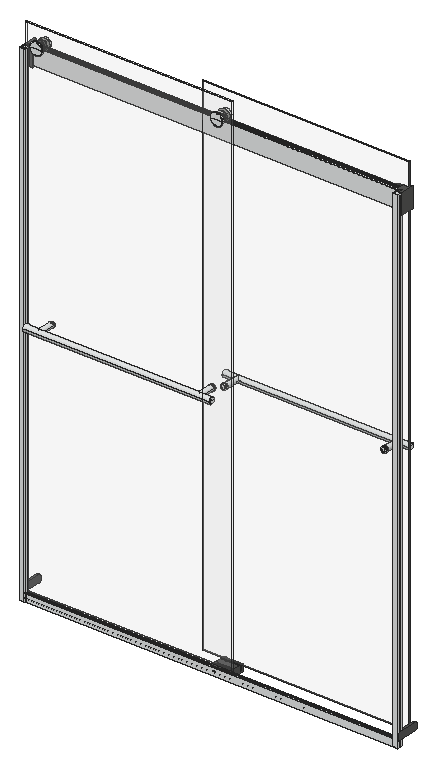
Revit family "Shower-Shower_Door-KOHLER-Levity_Plus-K-702424_1", category Specialty Equipment, host Face, Revit 2022 (continued)
Definition of nested family "K-702424"
  Lines and regions (in)
    symbolic lines, detail levels medium+fine
      curve 218: line (-1.54212, -2.02733, 37.83465) -> (-1.54212, -1.14006, 37.83465)
      curve 219: line (-3.09755, 0.7253, 37.83465) -> (-3.09755, 0.98206, 37.83465)
      curve 220: line (-2.94858, 2.16793, 37.83465) -> (-2.13866, 2.16793, 37.83465)
      curve 221: line (-2.94858, 2.47993, 37.83465) -> (-2.13866, 2.47993, 37.83465)
      curve 222: line (-4.49152, 4.05206, 37.83465) -> (-4.49152, 4.9018, 37.83465)
      curve 223: line (-2.94858, 4.05206, 37.83465) -> (-2.13866, 4.05206, 37.83465)
      curve 224: line (21.05142, 2.16793, 37.83465) -> (21.86134, 2.16793, 37.83465)
      curve 225: line (21.05142, 4.05206, 37.83465) -> (21.86134, 4.05206, 37.83465)
      curve 226: line (23.40271, 4.05206, 37.83465) -> (23.40271, 4.9018, 37.83465)
      curve 227: line (-30.5489, 0.2505, 37.83465) -> (-31.3134, 0.2505, 37.83465)
  Dimensions and locks (in)
    "Walk Thru": plane 5 to plane 3 "Center (Left/Right)"
    locked: plane 6 to plane 5 at 0.77715
    plane 3 "Center (Left/Right)" to plane 4 = 31.3134"
    "Width": plane 6 to plane 4
    locked: plane 5 to plane 7 "E" at 3.28921
    plane 10 to plane 11 = 6.92913"
    locked: plane 14 "C" to plane 7 "E" at 1.75
    locked: plane 6 to plane 16 at 0.34046
    locked: plane 15 "D" to plane 7 "E" at 25.2506
    plane 17 "AB" to level = 77.55906"
    plane 19 to level = 71.5748"
    plane 20 to plane 19 = 2.55906"
    plane 21 "B" to level = 37.83465"
    plane 22 to plane 23 = 28"
    locked: plane 24 to plane 6 at 1.84833
    locked: plane 25 to plane 24 at 28
    locked: plane 25 to plane 26 "AC" at 2
    locked: plane 27 "AD" to plane 24 at 2
    locked: plane 28 to plane 3 "Center (Left/Right)" at 3.49125
    locked: plane 29 to plane 28 at 0.3937
    locked: Masking region 3 sketch curve to plane 28 at 0.3937
    locked: plane 26 "AC" to Masking region 4 sketch curve at 0.40496
    locked: Revolve 29 sketch curve to plane 28 at 0.3937
    aligned and locked: plane 2 to level
    aligned and locked: plane 5 to Extrusion 5
    aligned and locked: plane 5 to Extrusion 8
    aligned and locked: plane 6 to Extrusion 13 sketch curve
    aligned and locked: plane 6 to Extrusion 14
    aligned and locked: plane 16 to Extrusion 14
    aligned and locked: plane 5 to Extrusion 15 sketch curve
    aligned and locked: plane 6 to Extrusion 15 sketch curve
    aligned and locked: plane 16 to Extrusion 17 sketch curve
    aligned and locked: Extrusion 10 to Masking region 1 sketch curve
    aligned and locked: Masking region 2 sketch curve to plane 6
    aligned and locked: Masking region 2 sketch curve to plane 5
    aligned and locked: Extrusion 9 to Revolve 19 sketch curve
    aligned and locked: plane 6 to Masking region 3 sketch curve
    aligned and locked: Extrusion 10 to Masking region 3 sketch curve
    aligned and locked: Revolve 11 to Masking region 4 sketch curve
    aligned and locked: Masking region 4 sketch curve to Extrusion 17
    aligned and locked: plane 16 to Masking region 4 sketch curve
    aligned and locked: plane 5 to Extrusion 21
    aligned and locked: Masking region 3 to curve 187
    aligned and locked: Masking region 3 to curve 188
    aligned and locked: Masking region 3 to curve 162
    aligned and locked: Revolve 26 sketch curve to plane 25
    aligned and locked: Revolve 26 sketch curve to plane 24
    aligned and locked: Revolve 27 sketch curve to plane 28  (x2)
    aligned and locked: plane 29 to Revolve 27 sketch curve
    aligned and locked: curve 211 to Revolve 25
    aligned and locked: Masking region 3 sketch curve to Masking region 3 sketch curve
    aligned and locked: plane 25 to Masking region 4 sketch curve
    aligned and locked: plane 24 to Masking region 4 sketch curve
    aligned and locked: Masking region 4 sketch curve to Masking region 4 sketch curve
    aligned and locked: curve 103 to Masking region 3
    aligned and locked: Masking region 3 to curve 214
    aligned and locked: curve 215 to Masking region 3
    aligned and locked: Masking region 3 to curve 216
    aligned and locked: curve 117 to Masking region 3
    aligned and locked: Masking region 3 to curve 148
    aligned and locked: curve 172 to Masking region 3
    aligned and locked: Masking region 3 to curve 219
    aligned and locked: curve 221 to Masking region 4
    aligned and locked: curve 220 to Masking region 4
    aligned and locked: Masking region 4 to curve 220
    aligned and locked: Masking region 4 to curve 221
    aligned and locked: curve 222 to Revolve 26
    aligned and locked: curve 223 to Masking region 4
    aligned and locked: Masking region 4 to curve 223
    aligned and locked: Extrusion 17 to curve 179
    aligned and locked: Masking region 4 to curve 179
    aligned and locked: curve 179 to Masking region 4
    aligned and locked: Masking region 4 to curve 224
    aligned and locked: curve 224 to Masking region 4
    aligned and locked: curve 225 to Masking region 4
    aligned and locked: Masking region 4 to curve 225
    aligned and locked: curve 226 to Revolve 26
    aligned and locked: Revolve 31 sketch curve to plane 25
    aligned and locked: Revolve 31 sketch curve to plane 24
  Automatic sketch dimensions
    Extrusion 1 sketch curve to plane 4 = 0"
    Extrusion 1 sketch curve to Extrusion 1 sketch curve = 0.03079"
    plane 4 to Extrusion 1 sketch curve = 0.0315"
    Extrusion 1 sketch curve to Extrusion 1 sketch curve = 0.2541"
    Extrusion 1 sketch curve to Extrusion 1 sketch curve = 0.25668"
    plane 4 to Extrusion 1 sketch curve = 81/256"
    Extrusion 1 sketch curve to Extrusion 1 sketch curve = 0.0315"  (x2)
    Extrusion 1 sketch curve to Extrusion 1 sketch curve = 0.60218"
    Extrusion 1 sketch curve to Extrusion 1 sketch curve = 0.03039"
    Extrusion 1 sketch curve to plane 1 "Center (Front/Back)" = 0.35413"
    Extrusion 1 sketch curve to Extrusion 1 sketch curve = 0.47171"
    Extrusion 1 sketch curve to Extrusion 1 sketch curve = 1.10192"
    Extrusion 1 sketch curve to Extrusion 1 sketch curve = 0.00743"
    Extrusion 1 sketch curve to Extrusion 1 sketch curve = 0.34229"
    Extrusion 2 sketch curve to plane 4 = 0"  (x2)
    plane 1 "Center (Front/Back)" to Extrusion 2 sketch curve = 0"  (x2)
    plane 4 to Extrusion 2 sketch curve = 0.05752"  (x2)
    plane 4 to Extrusion 2 sketch curve = 0.18908"
    Extrusion 2 sketch curve to Extrusion 2 sketch curve = 0.04131"
    Extrusion 2 sketch curve to Extrusion 2 sketch curve = 0.09136"
    Extrusion 2 sketch curve to Extrusion 2 sketch curve = 0.19461"  (x2)
    Extrusion 2 sketch curve to Extrusion 2 sketch curve = 0.14115"  (x2)
    plane 1 "Center (Front/Back)" to Extrusion 2 sketch curve = 0.32797"
    Extrusion 2 sketch curve to Extrusion 2 sketch curve = 0.00361"  (x2)
    Extrusion 2 sketch curve to Extrusion 2 sketch curve = 0.10339"
    plane 1 "Center (Front/Back)" to Extrusion 2 sketch curve = 0.30702"
    Extrusion 2 sketch curve to Extrusion 2 sketch curve = 0.03454"  (x2)
    Extrusion 2 sketch curve to Extrusion 2 sketch curve = 0.01994"  (x2)
    Extrusion 2 sketch curve to Extrusion 2 sketch curve = 0.04271"  (x2)
    Extrusion 2 sketch curve to Extrusion 2 sketch curve = 0.06265"
    Extrusion 2 sketch curve to plane 1 "Center (Front/Back)" = 0.20982"
    Extrusion 2 sketch curve to Extrusion 2 sketch curve = 0"
    Extrusion 2 sketch curve to plane 1 "Center (Front/Back)" = 0.22464"
    Extrusion 3 sketch curve to plane 4 = 0"
    Extrusion 3 sketch curve to Extrusion 3 sketch curve = 0.05752"  (x2)
    plane 1 "Center (Front/Back)" to Extrusion 3 sketch curve = 0.32797"
    Extrusion 3 sketch curve to Extrusion 3 sketch curve = 0.59999"  (x2)
    Extrusion 3 sketch curve to Extrusion 3 sketch curve = 0.00361"  (x2)
    Extrusion 3 sketch curve to Extrusion 3 sketch curve = 0.10339"
    plane 1 "Center (Front/Back)" to Extrusion 3 sketch curve = 0.30702"
    Extrusion 3 sketch curve to Extrusion 3 sketch curve = 0.05449"  (x2)
    Extrusion 3 sketch curve to plane 1 "Center (Front/Back)" = 0.22464"
    Extrusion 3 sketch curve to plane 1 "Center (Front/Back)" = 0.25253"
    plane 1 "Center (Front/Back)" to Extrusion 4 sketch curve = 0.20982"
    plane 13 to Extrusion 4 sketch curve = 1.55993"
    Extrusion 4 sketch curve to Extrusion 4 sketch curve = 0.01972"
    Extrusion 4 sketch curve to Extrusion 4 sketch curve = 0.25882"
    level to Extrusion 4 sketch curve = 1.05663"
    Extrusion 4 sketch curve to Extrusion 4 sketch curve = 0.57809"
    Extrusion 5 sketch curve to level = 0"
    Extrusion 5 sketch curve to plane 1 "Center (Front/Back)" = 0"
    plane 1 "Center (Front/Back)" to Extrusion 5 sketch curve = 0.19878"
    Extrusion 5 sketch curve to plane 1 "Center (Front/Back)" = 3/128"
    Extrusion 5 sketch curve to Extrusion 5 sketch curve = 0.04434"
    Extrusion 5 sketch curve to Extrusion 5 sketch curve = 0.04019"
    Extrusion 5 sketch curve to Extrusion 5 sketch curve = 0.07819"
    Extrusion 5 sketch curve to Extrusion 5 sketch curve = 0.0297"
    Extrusion 5 sketch curve to Extrusion 5 sketch curve = 0.02696"
    level to Extrusion 5 sketch curve = 0.07959"
    Extrusion 5 sketch curve to plane 1 "Center (Front/Back)" = 0.14319"
    Extrusion 5 sketch curve to Extrusion 5 sketch curve = 0.05652"
    Extrusion 5 sketch curve to Extrusion 5 sketch curve = 0.06857"
    Extrusion 5 sketch curve to Extrusion 5 sketch curve = 0.02971"
    Extrusion 5 sketch curve to Extrusion 5 sketch curve = 0.03753"
    Extrusion 5 sketch curve to Extrusion 5 sketch curve = 0.02998"
    Extrusion 5 sketch curve to Extrusion 5 sketch curve = 45/128"
    Extrusion 5 sketch curve to Extrusion 5 sketch curve = 0.34333"
    Extrusion 5 sketch curve to Extrusion 5 sketch curve = 0.07224"
    Extrusion 5 sketch curve to Extrusion 5 sketch curve = 0.01101"
    Extrusion 5 sketch curve to Extrusion 5 sketch curve = 15/128"
    Extrusion 5 sketch curve to Extrusion 5 sketch curve = 0.50603"
    Extrusion 5 sketch curve to Extrusion 5 sketch curve = 0.00157"
    Extrusion 5 sketch curve to Extrusion 5 sketch curve = 0.02425"
    Extrusion 5 sketch curve to Extrusion 5 sketch curve = 0.01999"
    Extrusion 5 sketch curve to Extrusion 5 sketch curve = 0.04542"
    Extrusion 5 sketch curve to Extrusion 5 sketch curve = 0.01816"
    Revolve 6 sketch curve to plane 9 = 0"  (x2)
    Revolve 6 sketch curve to plane 1 "Center (Front/Back)" = 1.79905"
    Revolve 6 sketch curve to Revolve 6 sketch curve = 0.36643"
    Revolve 6 sketch curve to Revolve 6 sketch curve = 0.18701"  (x2)
    Revolve 6 sketch curve to Revolve 6 sketch curve = 0.13646"
    Revolve 6 sketch curve to Revolve 6 sketch curve = 0.19685"  (x2)
    Revolve 6 sketch curve to Revolve 6 sketch curve = 0.35769"
    Revolve 6 sketch curve to plane 1 "Center (Front/Back)" = 0.06827"
    Revolve 6 sketch curve to plane 1 "Center (Front/Back)" = 0.02811"
    plane 1 "Center (Front/Back)" to Revolve 6 sketch curve = 0.09751"
    Revolve 6 sketch curve to Revolve 6 sketch curve = 0.04293"
    plane 9 to Revolve 6 sketch curve = 0.4638"
    plane 9 to Revolve 6 sketch curve = 0.47661"
    Revolve 6 sketch curve to Revolve 6 sketch curve = 0.05951"
    Revolve 6 sketch curve to Revolve 6 sketch curve = 0.21742"
    Revolve 6 sketch curve to Revolve 6 sketch curve = 0.26917"
    Revolve 6 sketch curve to Revolve 6 sketch curve = 0.05219"
    Revolve 6 sketch curve to Revolve 6 sketch curve = 0.23207"
    Revolve 6 sketch curve to Revolve 6 sketch curve = 0.00276"
    Revolve 6 sketch curve to Revolve 6 sketch curve = 0.04017"
    Revolve 6 sketch curve to Revolve 6 sketch curve = 0.98425"
    Revolve 6 sketch curve to Revolve 6 sketch curve = 0"
    Revolve 7 sketch curve to plane 1 "Center (Front/Back)" = 1.79905"
    Revolve 7 sketch curve to Revolve 7 sketch curve = 0.36643"
    Revolve 7 sketch curve to Revolve 7 sketch curve = 0.18701"  (x2)
    Revolve 7 sketch curve to Revolve 7 sketch curve = 0.13646"
    Revolve 7 sketch curve to Revolve 7 sketch curve = 0.19685"  (x2)
    Revolve 7 sketch curve to Revolve 7 sketch curve = 0.35769"
    Revolve 7 sketch curve to plane 1 "Center (Front/Back)" = 0.06827"
    Revolve 7 sketch curve to plane 1 "Center (Front/Back)" = 0.02811"
    plane 1 "Center (Front/Back)" to Revolve 7 sketch curve = 0.09751"
    Revolve 7 sketch curve to Revolve 7 sketch curve = 0.04293"
    Revolve 7 sketch curve to Revolve 7 sketch curve = 0.05951"
    Revolve 7 sketch curve to Revolve 7 sketch curve = 0.21742"
    Revolve 7 sketch curve to Revolve 7 sketch curve = 0.26917"
    Revolve 7 sketch curve to Revolve 7 sketch curve = 0.05219"
    Revolve 7 sketch curve to Revolve 7 sketch curve = 0.23207"
    Revolve 7 sketch curve to Revolve 7 sketch curve = 0.00276"
    Revolve 7 sketch curve to Revolve 7 sketch curve = 0.04017"
    Revolve 7 sketch curve to Revolve 7 sketch curve = 0.98425"
    Revolve 7 sketch curve to Revolve 7 sketch curve = 0"  (x2)
    Extrusion 8 sketch curve to plane 1 "Center (Front/Back)" = 0.97838"
    Extrusion 8 sketch curve to Extrusion 8 sketch curve = 0.04771"
    Extrusion 8 sketch curve to Extrusion 8 sketch curve = 0.19946"
    Extrusion 8 sketch curve to Extrusion 8 sketch curve = 0.06749"
    Extrusion 8 sketch curve to Extrusion 8 sketch curve = 0.07625"
    Extrusion 8 sketch curve to Extrusion 8 sketch curve = 0.10945"
    Extrusion 8 sketch curve to Extrusion 8 sketch curve = 0.00724"
    Extrusion 8 sketch curve to Extrusion 8 sketch curve = 0.01781"
    Extrusion 8 sketch curve to Extrusion 8 sketch curve = 0.07472"
    Extrusion 8 sketch curve to Extrusion 8 sketch curve = 0.26709"
    Extrusion 8 sketch curve to Extrusion 8 sketch curve = 0.25238"
    Extrusion 8 sketch curve to Extrusion 8 sketch curve = 0.11432"
    Extrusion 8 sketch curve to Extrusion 8 sketch curve = 0.167"
    Extrusion 8 sketch curve to Extrusion 8 sketch curve = 0.38221"
    Extrusion 8 sketch curve to Extrusion 8 sketch curve = 0.02708"
    Extrusion 8 sketch curve to Extrusion 8 sketch curve = 0.03426"
    Extrusion 8 sketch curve to Extrusion 8 sketch curve = 0.04358"
    Extrusion 8 sketch curve to Extrusion 8 sketch curve = 0.05805"
    Extrusion 8 sketch curve to Extrusion 8 sketch curve = 0.04965"
    Extrusion 8 sketch curve to Extrusion 8 sketch curve = 0.03062"
    Extrusion 8 sketch curve to Extrusion 8 sketch curve = 0.27127"
    Extrusion 8 sketch curve to Extrusion 8 sketch curve = 0.01337"
    Extrusion 8 sketch curve to Extrusion 8 sketch curve = 1/8"
    Extrusion 8 sketch curve to Extrusion 8 sketch curve = 0.62317"
    Extrusion 8 sketch curve to Extrusion 8 sketch curve = 0.09894"
    Extrusion 8 sketch curve to Extrusion 8 sketch curve = 0.11003"
    Extrusion 8 sketch curve to Extrusion 8 sketch curve = 0.06863"
    Extrusion 8 sketch curve to Extrusion 8 sketch curve = 0.04403"
    Extrusion 8 sketch curve to Extrusion 8 sketch curve = 0.07343"
    Extrusion 8 sketch curve to Extrusion 8 sketch curve = 0.06223"
    Extrusion 9 sketch curve to plane 3 "Center (Left/Right)" = 0.06152"  (x2)
    Extrusion 9 sketch curve to plane 1 "Center (Front/Back)" = 0.7253"
    Extrusion 9 sketch curve to Extrusion 9 sketch curve = 0.156"  (x2)
    Extrusion 9 sketch curve to plane 3 "Center (Left/Right)" = 0.22365"
    plane 4 to Extrusion 9 sketch curve = 0.56656"
    Extrusion 9 sketch curve to Extrusion 9 sketch curve = 0.18895"
    Extrusion 10 sketch curve to level = 0"
    Extrusion 10 sketch curve to plane 1 "Center (Front/Back)" = 0.30693"
    Extrusion 10 sketch curve to Extrusion 10 sketch curve = 0.16911"
    Extrusion 10 sketch curve to Extrusion 10 sketch curve = 0.03435"
    Extrusion 10 sketch curve to Extrusion 10 sketch curve = 0.04675"
    Extrusion 10 sketch curve to Extrusion 10 sketch curve = 0.27567"
    Extrusion 10 sketch curve to Extrusion 10 sketch curve = 0.02104"  (x2)
    level to Extrusion 10 sketch curve = 0.22974"  (x2)
    Extrusion 10 sketch curve to Extrusion 10 sketch curve = 0.10752"
    Extrusion 10 sketch curve to Extrusion 10 sketch curve = 0.08964"  (x2)
    Extrusion 10 sketch curve to Extrusion 10 sketch curve = 0.18469"  (x2)
    level to Extrusion 10 sketch curve = 0.22333"  (x2)
    Extrusion 10 sketch curve to Extrusion 10 sketch curve = 0.08608"  (x2)
    Extrusion 10 sketch curve to plane 1 "Center (Front/Back)" = 0.99117"
    Extrusion 10 sketch curve to Extrusion 10 sketch curve = 0.41665"  (x2)
    Extrusion 10 sketch curve to Extrusion 10 sketch curve = 0.04608"  (x2)
    Extrusion 10 sketch curve to Extrusion 10 sketch curve = 1.03242"
    level to Extrusion 10 sketch curve = 1.02412"
    Extrusion 10 sketch curve to Extrusion 10 sketch curve = 0.04197"
    Extrusion 10 sketch curve to Extrusion 10 sketch curve = 0.13366"
    level to Extrusion 10 sketch curve = 1.04611"
    Extrusion 10 sketch curve to Extrusion 10 sketch curve = 0.02291"
    Extrusion 10 sketch curve to Extrusion 10 sketch curve = 0.2467"
    level to Extrusion 10 sketch curve = 0.08994"
    Extrusion 10 sketch curve to Extrusion 10 sketch curve = 0.03772"
    Extrusion 10 sketch curve to Extrusion 10 sketch curve = 0.08809"
    Extrusion 10 sketch curve to Extrusion 10 sketch curve = 0.08169"
    Extrusion 10 sketch curve to Extrusion 10 sketch curve = 0.79837"
    Extrusion 10 sketch curve to Extrusion 10 sketch curve = 0.00241"
    Extrusion 10 sketch curve to Extrusion 10 sketch curve = 0.0012"
    Extrusion 10 sketch curve to Extrusion 10 sketch curve = 0.02268"
    Extrusion 10 sketch curve to Extrusion 10 sketch curve = 0.02105"
    Extrusion 10 sketch curve to Extrusion 10 sketch curve = 0.00037"
    Extrusion 10 sketch curve to Extrusion 10 sketch curve = 1.18136"
    Revolve 11 sketch curve to Revolve 11 sketch curve = 0.05802"
    Revolve 11 sketch curve to Revolve 11 sketch curve = 0.12991"
    Revolve 11 sketch curve to Revolve 11 sketch curve = 0.23375"
    Revolve 11 sketch curve to Revolve 11 sketch curve = 0.00086"
    Revolve 11 sketch curve to Revolve 11 sketch curve = 0.04165"  (x2)
    plane 13 to Revolve 11 sketch curve = 1.44522"
    Revolve 11 sketch curve to Revolve 11 sketch curve = 0.04078"
    Revolve 11 sketch curve to Revolve 11 sketch curve = 0.12631"
    Revolve 11 sketch curve to Revolve 11 sketch curve = 0.29364"
    Revolve 11 sketch curve to Revolve 11 sketch curve = 0.3614"
    Revolve 11 sketch curve to Revolve 11 sketch curve = 0.25664"
    Revolve 11 sketch curve to Revolve 11 sketch curve = 0.3937"
    Revolve 11 sketch curve to Revolve 11 sketch curve = 0.50511"
    Revolve 12 sketch curve to Revolve 12 sketch curve = 0.05802"
    Revolve 12 sketch curve to Revolve 12 sketch curve = 0.12991"
    Revolve 12 sketch curve to Revolve 12 sketch curve = 0.23375"
    Revolve 12 sketch curve to Revolve 12 sketch curve = 0.00086"
    Revolve 12 sketch curve to Revolve 12 sketch curve = 0.04165"  (x2)
    plane 13 to Revolve 12 sketch curve = 1.44522"
    Revolve 12 sketch curve to Revolve 12 sketch curve = 0.04078"
    Revolve 12 sketch curve to Revolve 12 sketch curve = 0.12631"
    Revolve 12 sketch curve to Revolve 12 sketch curve = 0.29364"
    Revolve 12 sketch curve to Revolve 12 sketch curve = 0.3614"
    Revolve 12 sketch curve to Revolve 12 sketch curve = 0.25664"
    Revolve 12 sketch curve to Revolve 12 sketch curve = 0.3937"
    Revolve 12 sketch curve to Revolve 12 sketch curve = 0.50511"
    plane 1 "Center (Front/Back)" to Extrusion 14 sketch curve = 0.23901"
    plane 13 to Extrusion 14 sketch curve = 1.55993"
    Extrusion 14 sketch curve to Extrusion 14 sketch curve = 0.01972"
    Extrusion 14 sketch curve to Extrusion 14 sketch curve = 0.25882"
    level to Extrusion 14 sketch curve = 2.13263"
    Extrusion 14 sketch curve to Extrusion 14 sketch curve = 0.57809"
    plane 13 to Extrusion 17 sketch curve = 1.997"
    Extrusion 17 sketch curve to Extrusion 17 sketch curve = 0.04735"
    Extrusion 17 sketch curve to Extrusion 17 sketch curve = 0.156"  (x2)
    Extrusion 17 sketch curve to Extrusion 17 sketch curve = 0.21741"
    plane 15 "D" to Extrusion 17 sketch curve = 1.7744"
    Extrusion 17 sketch curve to Extrusion 17 sketch curve = 0.16214"
    curve 23 to curve 25 = 0.03682"
    curve 8 to curve 22 = 0.0365"
    level to curve 32 = 0.72015"
    level to curve 34 = 0.08036"
    plane 13 to curve 13 = 2.07456"
    curve 22 to plane 1 "Center (Front/Back)" = 0.4133"
    curve 32 to plane 1 "Center (Front/Back)" = 0.4133"
    curve 1 to curve 23 = 0.05917"
    curve 22 to curve 21 = 0.02657"
    curve 22 to curve 25 = 0.08166"
    plane 1 "Center (Front/Back)" to curve 34 = 0.20982"
    curve 24 to curve 25 = 0.06265"
    curve 23 to curve 21 = 0"
    curve 18 to curve 17 = 0"  (x2)
    curve 14 to curve 17 = 0.2754"
    curve 16 to curve 14 = 0.05796"
    curve 15 to curve 16 = 0.00005"
    curve 15 to curve 16 = 0"
    curve 14 to curve 15 = 0.05796"
    curve 18 to curve 14 = 0.2754"
    curve 7 to plane 8 "A" = 0.4638"
    curve 6 to curve 7 = 0"
    curve 4 to curve 6 = 0.07232"
    curve 3 to curve 4 = 0"
    curve 9 to plane 1 "Center (Front/Back)" = 0.06827"
    curve 9 to curve 7 = 0.19685"
    curve 2 to curve 3 = 0.15792"
    curve 5 to curve 4 = 0.19685"
    curve 11 to plane 1 "Center (Front/Back)" = 0.02728"
    curve 11 to curve 9 = 0.27504"
    curve 11 to curve 10 = 0"
    curve 35 to curve 32 = 1.41249"
    curve 36 to curve 32 = 1.41249"
    curve 36 to curve 37 = 0"
    curve 30 to curve 32 = 0.33649"
    curve 29 to curve 30 = 0"
    curve 30 to curve 38 = 0"
    curve 31 to curve 31 = 0.35205"
    curve 24 to curve 28 = 0"
    curve 18 to curve 13 = 0.58856"
    curve 18 to curve 17 = 0.12631"
    curve 17 to curve 14 = 0.04165"
    plane 13 to curve 29 = 1.73836"
    curve 29 to curve 29 = 0.17689"
    curve 14 to curve 15 = 0.29364"
    curve 15 to curve 16 = 0.0494"
    curve 29 to curve 35 = 0.08175"
    curve 29 to curve 30 = 0.08175"
    curve 35 to curve 35 = 0.312"
    curve 13 to curve 19 = 0.23444"
    curve 12 to curve 12 = 0.23444"
    curve 30 to curve 31 = 0.312"
    curve 19 to curve 1 = 0.36888"
    curve 2 to curve 6 = 1.01932"
    curve 2 to curve 3 = 0.37402"
    curve 30 to curve 33 = 0.62292"
    curve 3 to curve 4 = 0.13646"
    curve 20 to curve 23 = 0.37117"
    curve 30 to curve 38 = 0.31092"
    curve 4 to curve 5 = 0.19685"
    curve 36 to curve 37 = 0.45283"
    curve 32 to curve 32 = 0.19605"
    curve 36 to curve 37 = 0.14083"
    curve 20 to curve 23 = 0.05917"
    curve 6 to curve 7 = 0.04569"
    curve 34 to curve 27 = 0.05556"
    curve 37 to curve 37 = 0.05509"
    curve 39 to curve 38 = 0.03445"
    curve 27 to curve 26 = 0.06265"
    plane 1 "Center (Front/Back)" to curve 10 = 0.09747"
    curve 8 to curve 24 = 0.00657"
    Extrusion 18 sketch curve to plane 4 = 0"
    Extrusion 18 sketch curve to plane 1 "Center (Front/Back)" = 0.32797"
    plane 1 "Center (Front/Back)" to Extrusion 18 sketch curve = 0.32797"
    Extrusion 18 sketch curve to Extrusion 18 sketch curve = 0.76451"
    Revolve 19 sketch curve to Revolve 19 sketch curve = 0.19685"  (x2)
    Revolve 19 sketch curve to Revolve 19 sketch curve = 0.13646"
    Revolve 19 sketch curve to Revolve 19 sketch curve = 0.37402"
    Revolve 19 sketch curve to Revolve 19 sketch curve = 0.36643"
    Revolve 19 sketch curve to plane 1 "Center (Front/Back)" = 0.06827"
    plane 1 "Center (Front/Back)" to Revolve 19 sketch curve = 0.14044"
    Revolve 19 sketch curve to Revolve 19 sketch curve = 0.12453"
    Revolve 19 sketch curve to Revolve 19 sketch curve = 0.15792"
    Revolve 19 sketch curve to Revolve 19 sketch curve = 0.07232"
    Revolve 19 sketch curve to Revolve 19 sketch curve = 0.05219"
    Revolve 19 sketch curve to Revolve 19 sketch curve = 0.275"
    Revolve 19 sketch curve to Revolve 19 sketch curve = 0.31118"
    Revolve 20 sketch curve to plane 9 = 0"  (x2)
    Revolve 20 sketch curve to plane 1 "Center (Front/Back)" = 1.79905"
    Revolve 20 sketch curve to Revolve 20 sketch curve = 0.36643"
    Revolve 20 sketch curve to Revolve 20 sketch curve = 0.37402"
    Revolve 20 sketch curve to Revolve 20 sketch curve = 0.13646"
    Revolve 20 sketch curve to Revolve 20 sketch curve = 0.19685"  (x2)
    Revolve 20 sketch curve to plane 1 "Center (Front/Back)" = 0.06827"
    plane 1 "Center (Front/Back)" to Revolve 20 sketch curve = 0.14044"
    plane 9 to Revolve 20 sketch curve = 0.53612"
    Revolve 20 sketch curve to Revolve 20 sketch curve = 0.12453"
    Revolve 20 sketch curve to Revolve 20 sketch curve = 0.15792"
    Revolve 20 sketch curve to Revolve 20 sketch curve = 0.07232"
    Revolve 20 sketch curve to Revolve 20 sketch curve = 0.05219"
    Revolve 20 sketch curve to Revolve 20 sketch curve = 0.275"
    Revolve 20 sketch curve to Revolve 20 sketch curve = 0.31118"
    plane 13 to Extrusion 13 sketch curve = 2.07265"
    Extrusion 13 sketch curve to Extrusion 13 sketch curve = 0.10187"
    Extrusion 13 sketch curve to plane 16 = 0.03713"
    Extrusion 13 sketch curve to Extrusion 13 sketch curve = 0.20309"
    plane 16 to Extrusion 13 sketch curve = 0.05161"
    Extrusion 13 sketch curve to Extrusion 13 sketch curve = 0.06158"
    Extrusion 13 sketch curve to plane 5 = 0.21268"
    Extrusion 13 sketch curve to plane 1 "Center (Front/Back)" = 0.96774"
    Extrusion 13 sketch curve to Extrusion 13 sketch curve = 0.06723"
    plane 16 to Extrusion 13 sketch curve = 0.01208"
    Extrusion 13 sketch curve to Extrusion 13 sketch curve = 0.06013"
    Extrusion 13 sketch curve to plane 1 "Center (Front/Back)" = 0.37453"
    Extrusion 13 sketch curve to plane 16 = 0.03488"
    Extrusion 15 sketch curve to plane 6 = 0"
    Extrusion 15 sketch curve to plane 1 "Center (Front/Back)" = 0.32756"
    Extrusion 15 sketch curve to Extrusion 15 sketch curve = 0.07874"  (x2)
    plane 1 "Center (Front/Back)" to Extrusion 15 sketch curve = 0.23901"
    plane 5 to Extrusion 15 sketch curve = 0.07874"
    Extrusion 16 sketch curve to plane 5 = 0"
    Extrusion 16 sketch curve to plane 6 = 0"
    plane 1 "Center (Front/Back)" to Extrusion 16 sketch curve = 0.31775"
    Extrusion 16 sketch curve to plane 1 "Center (Front/Back)" = 0.32756"
    Masking region 2 sketch curve to plane 4 = 0"
    Masking region 2 sketch curve to level = 0"
    Masking region 2 sketch curve to plane 16 = 0"
    plane 4 to Masking region 2 sketch curve = 0.32149"
    plane 4 to Masking region 2 sketch curve = 0.32175"
    level to Masking region 2 sketch curve = 0.07959"
    Masking region 2 sketch curve to Masking region 2 sketch curve = 0.08036"
    Extrusion 21 sketch curve to plane 1 "Center (Front/Back)" = 0.97838"
    Extrusion 21 sketch curve to Extrusion 21 sketch curve = 0.94794"
    Masking region 2 sketch curve to plane 17 "AB" = 3.2232"
    Extrusion 8 sketch curve to Extrusion 8 sketch curve = 0.01983"
    Extrusion 8 sketch curve to Extrusion 8 sketch curve = 0.22281"
    Extrusion 8 sketch curve to Extrusion 8 sketch curve = 0.05988"
    Extrusion 8 sketch curve to Extrusion 8 sketch curve = 0.08881"
    curve 19 to curve 1 = 0"
    plane 8 "A" to Masking region 2 sketch curve = 0.41455"
    Extrusion 8 sketch curve to Extrusion 8 sketch curve = 0.06732"
    Extrusion 8 sketch curve to Extrusion 8 sketch curve = 0.04204"
    curve 20 to curve 23 = 0"
    Extrusion 8 sketch curve to Extrusion 8 sketch curve = 1.45984"
    Revolve 11 sketch curve to Revolve 11 sketch curve = 0.66419"
    Revolve 11 sketch curve to Revolve 11 sketch curve = 0"
    Revolve 12 sketch curve to Revolve 12 sketch curve = 0.66419"
    Revolve 12 sketch curve to Revolve 12 sketch curve = 0"
    curve 13 to curve 12 = 2.97389"
    curve 13 to curve 17 = 0.75919"
    curve 15 to curve 12 = 0.66893"
    curve 12 to curve 20 = 0"
    Extrusion 21 sketch curve to Extrusion 21 sketch curve = 2.55906"
    Extrusion 8 sketch curve to plane 19 = 0.03937"
    Revolve 11 sketch curve to plane 20 = 0.57874"
    Revolve 12 sketch curve to plane 20 = 0.57874"
    plane 20 to curve 21 = 0.21695"
    Masking region 2 sketch curve to plane 17 "AB" = 0"
    Extrusion 21 sketch curve to plane 19 = 0.03937"
    plane 4 to Revolve 7 sketch curve = 1.37909"
    Revolve 7 sketch curve to Revolve 7 sketch curve = 0.01326"
    Revolve 7 sketch curve to Revolve 7 sketch curve = 0.4638"
    plane 4 to Revolve 19 sketch curve = 1.37909"
    Revolve 19 sketch curve to Revolve 19 sketch curve = 0.69404"
    Revolve 19 sketch curve to Revolve 19 sketch curve = 0"
    plane 12 to Revolve 22 sketch curve = 0.01653"
    plane 22 to Revolve 22 sketch curve = 2"
    Revolve 22 sketch curve to Revolve 22 sketch curve = 0.35998"
    Revolve 22 sketch curve to Revolve 22 sketch curve = 0.0116"
    Revolve 22 sketch curve to Revolve 22 sketch curve = 0.01502"
    Revolve 22 sketch curve to Revolve 22 sketch curve = 0.02237"
    Revolve 22 sketch curve to plane 1 "Center (Front/Back)" = 0.74911"
    Revolve 22 sketch curve to Revolve 22 sketch curve = 0.19685"
    Revolve 22 sketch curve to Revolve 22 sketch curve = 0"
    Revolve 22 sketch curve to Revolve 22 sketch curve = 0.03691"
    Revolve 22 sketch curve to Revolve 22 sketch curve = 1.61171"
    plane 12 to Revolve 23 sketch curve = 0"  (x2)
    Revolve 23 sketch curve to plane 23 = 0"
    plane 10 to Revolve 23 sketch curve = 0"
    Revolve 23 sketch curve to plane 23 = 0.05087"
    Revolve 23 sketch curve to plane 10 = 0.05087"
    plane 23 to Revolve 23 sketch curve = 0.28461"
    Revolve 23 sketch curve to Revolve 23 sketch curve = 0.30101"
    plane 22 to Revolve 23 sketch curve = 0.05099"
    Revolve 23 sketch curve to plane 10 = 0.05099"
    Revolve 23 sketch curve to plane 22 = 0"
    Revolve 24 sketch curve to plane 21 "B" = 0"  (x2)
    Revolve 24 sketch curve to plane 13 = 0"
    plane 21 "B" to Revolve 24 sketch curve = 0.40496"
    Revolve 24 sketch curve to plane 1 "Center (Front/Back)" = 2.11192"
    Revolve 24 sketch curve to Revolve 24 sketch curve = 0.03471"
    Revolve 24 sketch curve to Revolve 24 sketch curve = 0.1899"
    Revolve 24 sketch curve to Revolve 24 sketch curve = 0.02544"
    Revolve 24 sketch curve to Revolve 24 sketch curve = 0.03289"
    plane 11 to Revolve 24 sketch curve = 0.36253"
    Revolve 24 sketch curve to Revolve 24 sketch curve = 0.48858"
    Revolve 25 sketch curve to plane 21 "B" = 0"  (x2)
    Revolve 25 sketch curve to plane 13 = 0"
    plane 21 "B" to Revolve 25 sketch curve = 0.40496"
    Revolve 25 sketch curve to plane 1 "Center (Front/Back)" = 2.11192"
    Revolve 25 sketch curve to Revolve 25 sketch curve = 0.03471"
    Revolve 25 sketch curve to Revolve 25 sketch curve = 0.1899"
    Revolve 25 sketch curve to Revolve 25 sketch curve = 0.02544"
    Revolve 25 sketch curve to Revolve 25 sketch curve = 0.03289"
    plane 11 to Revolve 25 sketch curve = 0.55938"
    Revolve 25 sketch curve to Revolve 25 sketch curve = 0.3937"
    plane 13 to Revolve 26 sketch curve = 0"  (x2)
    Revolve 26 sketch curve to plane 11 = 0"
    Revolve 26 sketch curve to plane 24 = 0.05367"
    Revolve 26 sketch curve to plane 25 = 0.0521"
    Revolve 26 sketch curve to plane 11 = 0.0521"
    Revolve 26 sketch curve to plane 11 = 0.05367"
    plane 24 to Revolve 26 sketch curve = 0.3712"
    Revolve 26 sketch curve to plane 5 = 0.30628"
    Masking region 1 sketch curve to Masking region 1 sketch curve = 0"  (x13)
    Masking region 1 sketch curve to plane 17 "AB" = 0"  (x2)
    Masking region 1 sketch curve to plane 21 "B" = 0"  (x4)
    Masking region 1 sketch curve to plane 10 = 0"
    Masking region 1 sketch curve to level = 0"  (x2)
    plane 13 to Masking region 1 sketch curve = 0.02001"
    Masking region 1 sketch curve to plane 12 = 0"
    Masking region 1 sketch curve to plane 1 "Center (Front/Back)" = 0.02728"
    Masking region 1 sketch curve to plane 8 "A" = 0.93569"
    Masking region 1 sketch curve to Masking region 1 sketch curve = 0.04099"
    Masking region 1 sketch curve to Masking region 1 sketch curve = 11/256"
    Masking region 1 sketch curve to plane 8 "A" = 0.74622"
    Masking region 1 sketch curve to Masking region 1 sketch curve = 0.01326"
    Masking region 1 sketch curve to Masking region 1 sketch curve = 0.05219"
    Masking region 1 sketch curve to plane 1 "Center (Front/Back)" = 0.06827"
    Masking region 1 sketch curve to Masking region 1 sketch curve = 0.23405"
    Masking region 1 sketch curve to Masking region 1 sketch curve = 0.19685"  (x3)
    Masking region 1 sketch curve to Masking region 1 sketch curve = 0.04123"
    plane 20 to Masking region 1 sketch curve = 0.21695"
    plane 20 to Masking region 1 sketch curve = 0.18045"
    Masking region 1 sketch curve to plane 20 = 0.57874"
    Masking region 1 sketch curve to Masking region 1 sketch curve = 0.04078"  (x4)
    Masking region 1 sketch curve to Masking region 1 sketch curve = 0.04165"  (x3)
    Masking region 1 sketch curve to Masking region 1 sketch curve = 0.23375"
    Masking region 1 sketch curve to Masking region 1 sketch curve = 0.05796"  (x2)
    plane 19 to Masking region 1 sketch curve = 0.43449"
    plane 19 to Masking region 1 sketch curve = 0.14278"
    plane 19 to Masking region 1 sketch curve = 0.14191"
    Masking region 1 sketch curve to plane 19 = 15/64"  (x2)
    plane 13 to Masking region 1 sketch curve = 1.997"  (x3)
    plane 21 "B" to Masking region 1 sketch curve = 8.38826"
    plane 1 "Center (Front/Back)" to Masking region 1 sketch curve = 0.32803"  (x2)
    Masking region 1 sketch curve to plane 1 "Center (Front/Back)" = 0.32756"  (x2)
    Masking region 1 sketch curve to Masking region 1 sketch curve = 0.1255"  (x4)
    Masking region 1 sketch curve to Masking region 1 sketch curve = 0.01517"  (x2)
    plane 21 "B" to Masking region 1 sketch curve = 0.39465"
    Masking region 1 sketch curve to Masking region 1 sketch curve = 0.02669"
    plane 21 "B" to Masking region 1 sketch curve = 0.37687"
    Masking region 1 sketch curve to Masking region 1 sketch curve = 0.01778"  (x3)
    Masking region 1 sketch curve to Masking region 1 sketch curve = 0.026"
    Masking region 1 sketch curve to Masking region 1 sketch curve = 0.03868"  (x2)
    Masking region 1 sketch curve to Masking region 1 sketch curve = 0.11066"
    Masking region 1 sketch curve to plane 21 "B" = 0.28399"
    Masking region 1 sketch curve to plane 21 "B" = 0.36628"
    Masking region 1 sketch curve to Masking region 1 sketch curve = 0.08466"
    Masking region 1 sketch curve to plane 21 "B" = 0.37687"  (x2)
    Masking region 1 sketch curve to Masking region 1 sketch curve = 0.09287"
    Masking region 1 sketch curve to Masking region 1 sketch curve = 0.02716"
    Masking region 1 sketch curve to Masking region 1 sketch curve = 4.23487"
    Masking region 1 sketch curve to plane 1 "Center (Front/Back)" = 0.99117"
    level to Masking region 1 sketch curve = 2.24921"
    Masking region 1 sketch curve to Masking region 1 sketch curve = 0.11658"  (x2)
    Masking region 1 sketch curve to Masking region 1 sketch curve = 0.25882"
    Masking region 1 sketch curve to Masking region 1 sketch curve = 0.57809"
    Masking region 1 sketch curve to Masking region 1 sketch curve = 0.23909"
    level to Masking region 1 sketch curve = 1.05663"
    Masking region 1 sketch curve to Masking region 1 sketch curve = 0.03251"
    Masking region 1 sketch curve to Masking region 1 sketch curve = 0.03493"
    Masking region 1 sketch curve to Masking region 1 sketch curve = 0.33649"
    Masking region 1 sketch curve to Masking region 1 sketch curve = 0.35205"
    level to Masking region 1 sketch curve = 0.2313"  (x2)
    Masking region 1 sketch curve to Masking region 1 sketch curve = 0.00156"  (x2)
    Masking region 1 sketch curve to Masking region 1 sketch curve = 0.00346"  (x2)
    Masking region 1 sketch curve to Masking region 1 sketch curve = 0.00451"  (x2)
    level to Masking region 1 sketch curve = 0.16201"
    Masking region 1 sketch curve to Masking region 1 sketch curve = 0.0862"  (x2)
    Masking region 1 sketch curve to Masking region 1 sketch curve = 0.03435"
    Masking region 1 sketch curve to Masking region 1 sketch curve = 0.03772"
    level to Masking region 1 sketch curve = 0.08036"
    level to Masking region 1 sketch curve = 0.07959"
    plane 13 to Masking region 1 sketch curve = 0.20421"  (x2)
    plane 13 to Masking region 1 sketch curve = 1.30112"
    plane 13 to Masking region 1 sketch curve = 1.44522"
    Masking region 1 sketch curve to Masking region 1 sketch curve = 0.12631"  (x2)
    Masking region 1 sketch curve to Masking region 1 sketch curve = 0.52103"
    Masking region 1 sketch curve to Masking region 1 sketch curve = 0.19815"
    Masking region 1 sketch curve to Masking region 1 sketch curve = 0.17689"
    Masking region 1 sketch curve to Masking region 1 sketch curve = 0.27433"
    Masking region 1 sketch curve to Masking region 1 sketch curve = 0.0494"
    Masking region 1 sketch curve to Masking region 1 sketch curve = 0.29364"
    Masking region 1 sketch curve to Masking region 1 sketch curve = 0.08175"
    Masking region 1 sketch curve to Masking region 1 sketch curve = 0.312"  (x3)
    Masking region 1 sketch curve to Masking region 1 sketch curve = 0.69668"
    Masking region 1 sketch curve to Masking region 1 sketch curve = 0.05601"  (x2)
    Masking region 1 sketch curve to Masking region 1 sketch curve = 0.1859"
    Masking region 1 sketch curve to Masking region 1 sketch curve = 0.36888"
    Masking region 1 sketch curve to Masking region 1 sketch curve = 0.36643"
    Masking region 1 sketch curve to Masking region 1 sketch curve = 0.18701"
    Masking region 1 sketch curve to Masking region 1 sketch curve = 0.0752"
    Masking region 1 sketch curve to Masking region 1 sketch curve = 0.03015"
    Masking region 1 sketch curve to Masking region 1 sketch curve = 0.67098"
    Masking region 1 sketch curve to Masking region 1 sketch curve = 0.01285"
    Masking region 1 sketch curve to Masking region 1 sketch curve = 0.13646"
    Masking region 1 sketch curve to Masking region 1 sketch curve = 0.18708"  (x2)
    Masking region 1 sketch curve to Masking region 1 sketch curve = 0.29499"
    Masking region 1 sketch curve to Masking region 1 sketch curve = 0.18469"
    Masking region 1 sketch curve to Masking region 1 sketch curve = 0.11595"
    Masking region 1 sketch curve to Masking region 1 sketch curve = 0.06077"
    Masking region 1 sketch curve to Masking region 1 sketch curve = 0.04675"
    Masking region 1 sketch curve to Masking region 1 sketch curve = 0.05319"
    Masking region 1 sketch curve to Masking region 1 sketch curve = 0.08574"  (x2)
    Masking region 1 sketch curve to Masking region 1 sketch curve = 0.04569"
    Masking region 1 sketch curve to Masking region 1 sketch curve = 0.14848"
    plane 1 "Center (Front/Back)" to Masking region 1 sketch curve = 0.09747"
    plane 1 "Center (Front/Back)" to Masking region 1 sketch curve = 0.14044"
    plane 1 "Center (Front/Back)" to Masking region 1 sketch curve = 0.19878"
    curve 196 to curve 197 = 0"  (x2)
    curve 198 to plane 21 "B" = 0"
    curve 197 to plane 21 "B" = 0"
    curve 198 to plane 12 = 0.00311"
    plane 13 to curve 197 = 0.01837"
    curve 198 to plane 12 = 0.23406"  (x2)
    plane 1 "Center (Front/Back)" to curve 194 = 0.32803"
    curve 193 to plane 1 "Center (Front/Back)" = 0.32756"
    curve 193 to curve 192 = 0.08574"
    curve 192 to curve 191 = 0.312"
    curve 195 to plane 21 "B" = 0.40496"
    curve 191 to curve 195 = 1.38662"
    curve 195 to curve 190 = 0.05601"
    curve 190 to curve 189 = 0.312"
    plane 13 to curve 196 = 0.20421"  (x2)
    curve 193 to plane 21 "B" = 0.37687"
    curve 194 to plane 21 "B" = 0.37687"
    curve 198 to plane 21 "B" = 0.37687"
    curve 193 to curve 192 = 0"  (x2)
    curve 192 to curve 191 = 0"  (x2)
    curve 196 to plane 21 "B" = 0.40496"
    curve 195 to curve 190 = 0"  (x2)
    curve 190 to curve 189 = 0"  (x2)
    plane 21 "B" to curve 192 = 0.37687"
    plane 21 "B" to curve 194 = 0.37687"
    plane 21 "B" to curve 190 = 0.40496"
    plane 12 to Revolve 27 sketch curve = 0"
    plane 29 to Revolve 27 sketch curve = 0.02938"
    plane 29 to Revolve 27 sketch curve = 0.00323"
    Revolve 27 sketch curve to plane 29 = 0.03582"
    Revolve 27 sketch curve to plane 1 "Center (Front/Back)" = 0.7253"
    Revolve 27 sketch curve to Revolve 27 sketch curve = 0.21106"
    plane 10 to Revolve 27 sketch curve = 1.13117"
    Revolve 27 sketch curve to Revolve 27 sketch curve = 0.98425"
    curve 44 to curve 45 = 0"  (x2)
    curve 46 to curve 47 = 0"  (x2)
    curve 200 to plane 22 = 0"
    curve 201 to plane 21 "B" = 0"
    curve 45 to plane 8 "A" = 0"
    curve 47 to plane 8 "A" = 0"
    plane 9 to curve 47 = 0"
    curve 206 to plane 23 = 0"
    curve 55 to plane 3 "Center (Left/Right)" = 0"
    curve 54 to plane 20 = 0"
    curve 55 to plane 19 = 0"
    curve 52 to plane 5 = 0"
    curve 49 to plane 16 = 0"
    curve 53 to plane 6 = 0"
    curve 48 to plane 17 "AB" = 0"
    plane 20 to curve 40 = 0.21695"
    plane 4 to curve 40 = 0.76451"
    plane 22 to curve 209 = 0.05099"
    plane 22 to curve 45 = 0.4926"
    curve 205 to plane 23 = 0.053"
    curve 207 to plane 23 = 0.0528"
    curve 50 to plane 5 = 0.21268"
    curve 200 to plane 21 "B" = 0.39264"
    curve 206 to plane 21 "B" = 0.39276"
    curve 209 to curve 200 = 0.05292"
    level to curve 42 = 0.08036"
    plane 21 "B" to curve 205 = 25/64"
    plane 21 "B" to curve 203 = 0.39264"
    curve 205 to curve 205 = 0.053"
    curve 50 to plane 19 = 0.23584"
    plane 20 to curve 53 = 0.09329"
    curve 54 to curve 49 = 0.202"
    plane 4 to curve 42 = 0.32175"
    plane 4 to curve 40 = 0.32149"
    curve 41 to curve 43 = 0.96667"
    level to curve 52 = 0.07959"
    Masking region 4 sketch curve to plane 11 = 0"
    Masking region 4 sketch curve to plane 14 "C" = 0"
    Masking region 4 sketch curve to plane 15 "D" = 0"  (x2)
    Masking region 4 sketch curve to plane 11 = 0.0521"
    Masking region 4 sketch curve to plane 11 = 0.05367"
    plane 13 to Masking region 4 sketch curve = 0.3712"
    Masking region 4 sketch curve to plane 7 "E" = 0.18693"  (x2)
    plane 13 to Masking region 4 sketch curve = 0.42487"  (x2)
    plane 24 to Masking region 4 sketch curve = 0.43077"
    Masking region 4 sketch curve to Masking region 4 sketch curve = 1.02035"
    Masking region 4 sketch curve to Masking region 4 sketch curve = 0.04069"  (x4)
    plane 25 to Masking region 4 sketch curve = 0.40812"
    plane 24 to Masking region 4 sketch curve = 0.47222"
    Masking region 4 sketch curve to Masking region 4 sketch curve = 0.04144"  (x3)
    Masking region 4 sketch curve to Masking region 4 sketch curve = 1/8"  (x2)
    plane 27 "AD" to Masking region 4 sketch curve = 0.59172"
    Masking region 4 sketch curve to Masking region 4 sketch curve = 0.1265"  (x2)
    plane 25 to Masking region 4 sketch curve = 17/128"
    Masking region 4 sketch curve to Masking region 4 sketch curve = 0.04155"  (x4)
    Masking region 4 sketch curve to Masking region 4 sketch curve = 0.04231"  (x4)
    Masking region 4 sketch curve to Masking region 4 sketch curve = 0.29364"  (x4)
    plane 24 to Masking region 4 sketch curve = 0.13814"
    Masking region 4 sketch curve to Masking region 4 sketch curve = 0.0494"  (x3)
    Masking region 4 sketch curve to Masking region 4 sketch curve = 0.34303"
    Masking region 4 sketch curve to Masking region 4 sketch curve = 0"  (x2)
    Masking region 4 sketch curve to Masking region 4 sketch curve = 0.04857"
    Masking region 4 sketch curve to Masking region 4 sketch curve = 0.22058"
    Masking region 4 sketch curve to Masking region 4 sketch curve = 0.312"  (x4)
    Masking region 4 sketch curve to Masking region 4 sketch curve = 0.24146"  (x2)
    Masking region 4 sketch curve to Masking region 4 sketch curve = 0.24162"
    Masking region 4 sketch curve to Masking region 4 sketch curve = 0.24126"
    Masking region 4 sketch curve to Masking region 4 sketch curve = 0.00019"
    plane 25 to Masking region 4 sketch curve = 0.20472"
    plane 25 to Masking region 4 sketch curve = 0.07481"
    Masking region 4 sketch curve to plane 25 = 0.0521"  (x2)
    Masking region 4 sketch curve to Masking region 4 sketch curve = 0.33332"
    Masking region 4 sketch curve to Masking region 4 sketch curve = 0.05802"  (x2)
    Masking region 4 sketch curve to Masking region 4 sketch curve = 0.12991"
    Masking region 4 sketch curve to Masking region 4 sketch curve = 0.32758"
    plane 27 "AD" to Masking region 4 sketch curve = 0.40496"
    Masking region 4 sketch curve to Masking region 4 sketch curve = 0.39092"
    Masking region 4 sketch curve to Masking region 4 sketch curve = 0.0719"
    Masking region 4 sketch curve to plane 24 = 0.05367"  (x2)
    plane 24 to Masking region 4 sketch curve = 0.19616"
    plane 24 to Masking region 4 sketch curve = 0.26806"
    Masking region 4 sketch curve to Masking region 4 sketch curve = 0.0521"
    Masking region 4 sketch curve to plane 26 "AC" = 0.40496"  (x2)
    plane 13 to Masking region 4 sketch curve = 0.37277"
    curve 166 to plane 6 = 0"
    curve 169 to plane 16 = 0"
    curve 61 to plane 4 = 0"
    curve 164 to plane 5 = 0"
    curve 170 to plane 6 = 0"
    curve 137 to plane 9 = 0"
    plane 23 to curve 146 = 0.02872"
    curve 146 to curve 128 = 0.13646"
    curve 95 to plane 22 = 0.04352"
    curve 95 to plane 1 "Center (Front/Back)" = 1 15/256"
    curve 122 to curve 121 = 0.18701"
    curve 127 to plane 23 = 0.01453"
    curve 127 to curve 126 = 0.18701"
    curve 71 to plane 22 = 0.00028"
    curve 71 to curve 70 = 0.18701"
    curve 76 to curve 75 = 0.18701"
    curve 94 to curve 71 = 0.18701"
    curve 120 to curve 122 = 0.18701"
    curve 124 to curve 124 = 0.36643"
    curve 73 to curve 73 = 0.36643"
    curve 186 to plane 3 "Center (Left/Right)" = 0.34077"
    curve 186 to curve 118 = 0.12742"
    plane 16 to curve 169 = 0.05161"
    curve 169 to plane 1 "Center (Front/Back)" = 2.09932"
    curve 167 to plane 16 = 0.139"
    curve 167 to curve 168 = 0.20309"
    plane 4 to curve 59 = 0.28489"
    curve 59 to curve 67 = 0.56392"
    plane 4 to curve 58 = 0.03079"
    curve 58 to curve 59 = 0.00861"
    curve 57 to curve 59 = 0.0394"
    curve 166 to curve 167 = 0.10187"
    curve 66 to plane 1 "Center (Front/Back)" = 0.5693"
    curve 153 to plane 1 "Center (Front/Back)" = 0.5693"
    curve 66 to curve 65 = 0.156"
    curve 66 to curve 62 = 0.02515"
    plane 4 to curve 61 = 0.0315"
    curve 62 to curve 61 = 0.00252"
    curve 62 to curve 63 = 0.00669"
    curve 91 to curve 89 = 0.04569"
    curve 134 to curve 134 = 0.04569"
    curve 139 to plane 1 "Center (Front/Back)" = 0.06827"
    curve 89 to plane 1 "Center (Front/Back)" = 0.06827"
    curve 151 to plane 1 "Center (Front/Back)" = 0.02811"
    curve 85 to plane 1 "Center (Front/Back)" = 0.02811"
    plane 1 "Center (Front/Back)" to curve 152 = 0.09751"
    plane 1 "Center (Front/Back)" to curve 79 = 0.09751"
    plane 1 "Center (Front/Back)" to curve 86 = 0.14044"
    plane 1 "Center (Front/Back)" to curve 137 = 0.14044"
    curve 63 to curve 65 = 0.05608"
    curve 101 to plane 22 = 0.44306"
    curve 79 to curve 80 = 0.04017"
    curve 79 to curve 84 = 0.04293"
    curve 70 to curve 70 = 0.21011"
    curve 68 to plane 22 = 0.20144"
    curve 82 to plane 22 = 0.16805"
    plane 22 to curve 98 = 0.0288"
    plane 22 to curve 86 = 0.4926"
    curve 78 to curve 91 = 0.4638"
    curve 91 to curve 76 = 0.02907"
    curve 76 to curve 77 = 0.04324"
    curve 90 to curve 90 = 0.19685"
    curve 76 to curve 67 = 0.20116"
    curve 73 to curve 74 = 0.05219"
    curve 88 to curve 86 = 0.23207"
    curve 86 to curve 93 = 0.00276"
    curve 86 to curve 87 = 0.04293"
    plane 28 to curve 135 = 0.55694"
    curve 130 to curve 136 = 0.04017"
    curve 130 to curve 135 = 0.04293"
    curve 162 to curve 120 = 0.37539"
    curve 122 to curve 147 = 0.01326"
    curve 122 to curve 119 = 0.05219"
    curve 154 to curve 133 = 0.07232"
    curve 122 to curve 121 = 0.21011"
    curve 121 to curve 122 = 0.04324"
    curve 132 to curve 134 = 0.19685"
    curve 142 to plane 23 = 0.0436"
    plane 23 to curve 140 = 0.15325"
    plane 23 to curve 145 = 0.18663"
    curve 128 to curve 155 = 0.19685"
    curve 155 to curve 126 = 0.01326"
    curve 139 to curve 143 = 0.23207"
    curve 137 to curve 139 = 0.00276"
    curve 139 to curve 144 = 0.04017"
    curve 153 to plane 3 "Center (Left/Right)" = 0.22365"
    curve 65 to plane 3 "Center (Left/Right)" = 0.06152"
    curve 104 to curve 103 = 0.03691"
    curve 75 to curve 96 = 0.13646"
    curve 171 to curve 153 = 0.40908"
    curve 77 to curve 96 = 0.05623"
    curve 102 to curve 104 = 0.21617"
    curve 56 to curve 66 = 0.40908"
    curve 165 to plane 5 = 0.21183"
    curve 165 to plane 1 "Center (Front/Back)" = 0.97838"
    curve 172 to curve 123 = 0.05623"
    curve 72 to curve 96 = 0.05623"
    curve 160 to curve 165 = 0.06754"
    curve 75 to curve 114 = 0.01269"
    curve 70 to curve 110 = 0.01269"
    curve 159 to curve 127 = 0.18677"
    curve 108 to curve 70 = 0.18677"
    curve 113 to curve 121 = 0.18677"
    curve 158 to curve 159 = 0.20199"
    curve 109 to curve 108 = 0.20199"
    curve 112 to curve 73 = 0.01474"
    curve 107 to curve 158 = 0.25238"
    curve 67 to curve 157 = 0.09931"
    curve 111 to curve 109 = 0.25238"
    curve 56 to curve 111 = 0.22673"
    curve 165 to plane 5 = 0.20841"
    curve 165 to curve 107 = 0.22673"
    curve 188 to curve 162 = 0.17232"
    plane 25 to curve 178 = 0.20472"
    curve 178 to plane 1 "Center (Front/Back)" = 2.16793"
    plane 14 "C" to curve 185 = 0.73609"
    curve 185 to curve 165 = 0.24146"
    plane 4 to curve 58 = 0.00034"
    curve 59 to curve 59 = 0.01394"
    plane 24 to curve 182 = 0.13814"
    curve 182 to curve 185 = 0.312"
    curve 179 to curve 185 = 0.312"
    curve 175 to curve 178 = 0.312"
    curve 174 to curve 175 = 0.0494"
    curve 181 to curve 182 = 0.0494"
    curve 187 to curve 188 = 0.48377"
    plane 25 to curve 173 = 17/128"
    curve 173 to curve 174 = 0.29364"
    curve 180 to curve 181 = 0.29364"
    curve 176 to curve 173 = 0.04155"
    curve 184 to curve 180 = 0.04231"
    curve 183 to curve 184 = 1/8"
    curve 177 to curve 176 = 0.1265"
    curve 147 to curve 154 = 0.19685"
    curve 96 to curve 97 = 0.19685"  (x2)
    plane 3 "Center (Left/Right)" to curve 153 = 0.00112"
    curve 164 to plane 1 "Center (Front/Back)" = 0.32756"
    curve 170 to plane 16 = 0.03488"
    curve 170 to plane 1 "Center (Front/Back)" = 0.32756"
    curve 115 to curve 80 = 0.11337"
    curve 116 to plane 1 "Center (Front/Back)" = 0.18164"
    curve 117 to plane 1 "Center (Front/Back)" = 0.18164"
    curve 164 to curve 163 = 0.14592"
    curve 217 to plane 1 "Center (Front/Back)" = 0.18164"
    plane 1 "Center (Front/Back)" to curve 105 = 0.19878"
    plane 1 "Center (Front/Back)" to curve 106 = 0.19878"
    plane 1 "Center (Front/Back)" to curve 164 = 0.19878"
    plane 1 "Center (Front/Back)" to curve 64 = 0.19878"
    curve 56 to curve 67 = 0.63697"
    curve 97 to plane 22 = 0.24037"
    curve 68 to curve 109 = 0.00949"
    curve 96 to plane 22 = 0.04352"
    curve 96 to curve 77 = 0"
    curve 76 to curve 102 = 0.36608"
    curve 102 to curve 104 = 0.00192"
    curve 104 to curve 105 = 0.01818"
    curve 104 to curve 103 = 0.0185"
    curve 103 to curve 103 = 0.74934"
    curve 103 to curve 106 = 0.00033"
    curve 103 to curve 104 = 0.01977"
    curve 104 to curve 102 = 0.24801"
    curve 177 to curve 173 = 0.2753"
    curve 176 to curve 177 = 0"  (x2)
    plane 25 to curve 174 = 0.07481"
    curve 175 to curve 174 = 0"  (x2)
    curve 174 to plane 15 "D" = 0.60618"
    curve 174 to curve 173 = 0.05802"
    curve 175 to curve 178 = 0.12991"
    curve 173 to curve 177 = 0.2753"
    curve 217 to curve 130 = 0.16324"
    curve 118 to curve 186 = 0.10651"
    curve 148 to curve 153 = 0.11712"
    curve 171 to curve 148 = 0"
    curve 188 to curve 162 = 0"
    curve 187 to plane 3 "Center (Left/Right)" = 0.34077"
    plane 27 "AD" to curve 183 = 0.59172"
    curve 184 to curve 183 = 0"  (x2)
    curve 184 to curve 180 = 0.27606"
    curve 185 to curve 182 = 0.12991"
    curve 181 to curve 182 = 0"  (x2)
    plane 24 to curve 180 = 0.19616"
    plane 24 to curve 185 = 0.26806"
    curve 180 to curve 183 = 0.27606"
    plane 12 to Revolve 28 sketch curve = 0"  (x2)
    Revolve 28 sketch curve to plane 1 "Center (Front/Back)" = 0.97838"
    plane 22 to Revolve 28 sketch curve = 2"
    Revolve 28 sketch curve to Revolve 28 sketch curve = 3/8"
    Revolve 28 sketch curve to Revolve 28 sketch curve = 0"
    plane 10 to Revolve 28 sketch curve = 0.54062"
    Revolve 29 sketch curve to plane 28 = 0"  (x2)
    plane 12 to Revolve 29 sketch curve = 0"
    Revolve 29 sketch curve to plane 1 "Center (Front/Back)" = 0.97838"
    plane 10 to Revolve 29 sketch curve = 0.73747"
    Revolve 29 sketch curve to Revolve 29 sketch curve = 1.37795"
    plane 12 to Revolve 30 sketch curve = 0"  (x2)
    Revolve 30 sketch curve to plane 23 = 0"
    plane 10 to Revolve 30 sketch curve = 0"
    Revolve 30 sketch curve to plane 22 = 0"
    Revolve 30 sketch curve to plane 4 = 0.59564"
    Revolve 30 sketch curve to Revolve 30 sketch curve = 1.37795"
    plane 13 to Revolve 31 sketch curve = 0"  (x2)
    Revolve 31 sketch curve to plane 11 = 0"
    plane 25 to Revolve 31 sketch curve = 0.21127"
    Revolve 31 sketch curve to Revolve 31 sketch curve = 0.3937"
    curve 64 to curve 115 = 0.06886"
    curve 66 to curve 64 = 0.19795"
    curve 61 to curve 62 = 0.25668"
    plane 10 to curve 218 = 0"
    plane 10 to curve 213 = 0"
    curve 226 to plane 11 = 0"
    curve 222 to plane 11 = 0"
    curve 218 to plane 23 = 0.05087"
    plane 28 to curve 214 = 0.3937"
    curve 212 to plane 12 = 0.44363"
    plane 22 to curve 212 = 2 3/8"
    curve 212 to curve 212 = 3/4"
    plane 22 to curve 213 = 0.05099"
    curve 227 to plane 1 "Center (Front/Back)" = 0.2505"
    plane 4 to curve 227 = 0.76451"
    plane 4 to curve 227 = 0"
    plane 13 to curve 222 = 0.42487"
    plane 13 to curve 226 = 0.42487"
    plane 13 to curve 225 = 0.42487"
    plane 13 to curve 223 = 0.42487"
    curve 223 to curve 221 = 1.57213"
    curve 225 to curve 224 = 1.88413"
    curve 221 to curve 220 = 0.312"
    curve 219 to plane 1 "Center (Front/Back)" = 0.98206"
    curve 219 to curve 219 = 0.25676"
    curve 219 to curve 216 = 0.312"
    curve 215 to plane 1 "Center (Front/Back)" = 0.4133"
    plane 1 "Center (Front/Back)" to curve 216 = 0.19878"
    plane 1 "Center (Front/Back)" to curve 215 = 0.19878"
    curve 218 to plane 12 = 0.44363"
    curve 214 to plane 12 = 0.44363"
    curve 213 to plane 12 = 0.44363"
    Masking region 3 sketch curve to plane 4 = 0"
    Masking region 3 sketch curve to plane 16 = 0"
    Masking region 3 sketch curve to plane 5 = 0"  (x2)
    Masking region 3 sketch curve to plane 23 = 0"
    Masking region 3 sketch curve to plane 22 = 0"
    plane 10 to Masking region 3 sketch curve = 0"
    Masking region 3 sketch curve to plane 10 = 0.05087"
    Masking region 3 sketch curve to plane 10 = 0.05099"
    Masking region 3 sketch curve to plane 12 = 0.39264"
    Masking region 3 sketch curve to plane 12 = 0.39276"
    Masking region 3 sketch curve to plane 12 = 0.44363"  (x2)
    Masking region 3 sketch curve to plane 23 = 0.05087"  (x2)
    Masking region 3 sketch curve to Masking region 3 sketch curve = 0.05087"
    plane 1 "Center (Front/Back)" to Masking region 3 sketch curve = 0.32797"
    plane 1 "Center (Front/Back)" to Masking region 3 sketch curve = 0.31775"
    plane 1 "Center (Front/Back)" to Masking region 3 sketch curve = 0.19878"
    Masking region 3 sketch curve to Masking region 3 sketch curve = 0.12919"
    Masking region 3 sketch curve to Masking region 3 sketch curve = 0.11897"
    Masking region 3 sketch curve to plane 1 "Center (Front/Back)" = 0.32756"
    plane 16 to Masking region 3 sketch curve = 0.01208"
    Masking region 3 sketch curve to Masking region 3 sketch curve = 0.04697"
    Masking region 3 sketch curve to Masking region 3 sketch curve = 0.23163"
    Masking region 3 sketch curve to plane 1 "Center (Front/Back)" = 0.5693"
    Masking region 3 sketch curve to Masking region 3 sketch curve = 0.01011"
    Masking region 3 sketch curve to plane 3 "Center (Left/Right)" = 0.06152"
    Masking region 3 sketch curve to Masking region 3 sketch curve = 0.16611"
    Masking region 3 sketch curve to plane 1 "Center (Front/Back)" = 0.7253"  (x3)
    Masking region 3 sketch curve to plane 22 = 0.24037"
    Masking region 3 sketch curve to Masking region 3 sketch curve = 0.04594"  (x2)
    Masking region 3 sketch curve to Masking region 3 sketch curve = 0.46585"
    Masking region 3 sketch curve to Masking region 3 sketch curve = 0.13364"
    Masking region 3 sketch curve to Masking region 3 sketch curve = 0.31953"
    Masking region 3 sketch curve to plane 5 = 0.14544"
    Masking region 3 sketch curve to Masking region 3 sketch curve = 0.34131"
    Masking region 3 sketch curve to Masking region 3 sketch curve = 0.03039"
    Masking region 3 sketch curve to Masking region 3 sketch curve = 0.19685"  (x3)
    Masking region 3 sketch curve to Masking region 3 sketch curve = 0.06723"
    Masking region 3 sketch curve to Masking region 3 sketch curve = 0.20713"
    Masking region 3 sketch curve to Masking region 3 sketch curve = 0.05623"
    Masking region 3 sketch curve to Masking region 3 sketch curve = 0.25308"
    Masking region 3 sketch curve to Masking region 3 sketch curve = 0.05915"
    Masking region 3 sketch curve to plane 3 "Center (Left/Right)" = 0.34077"
    Masking region 3 sketch curve to Masking region 3 sketch curve = 0.9481"  (x2)
    Masking region 3 sketch curve to Masking region 3 sketch curve = 0.02252"
    Masking region 3 sketch curve to Masking region 3 sketch curve = 0.06158"
    Masking region 3 sketch curve to plane 22 = 0.83841"
    Masking region 3 sketch curve to Masking region 3 sketch curve = 0.09468"
    Masking region 3 sketch curve to Masking region 3 sketch curve = 0.01655"
    plane 4 to Masking region 3 sketch curve = 0.32175"
    Masking region 3 sketch curve to Masking region 3 sketch curve = 0.00737"
    plane 16 to Masking region 3 sketch curve = 0.05161"
    Masking region 3 sketch curve to Masking region 3 sketch curve = 0.86748"
    Masking region 3 sketch curve to Masking region 3 sketch curve = 1.14729"
    Masking region 3 sketch curve to Masking region 3 sketch curve = 1.07649"
    plane 4 to Masking region 3 sketch curve = 0.32153"
    Masking region 3 sketch curve to Masking region 3 sketch curve = 0.02618"
    Masking region 3 sketch curve to Masking region 3 sketch curve = 0.24502"
    Masking region 3 sketch curve to Masking region 3 sketch curve = 0.76451"
    Masking region 3 sketch curve to Masking region 3 sketch curve = 0.38679"
    Masking region 3 sketch curve to plane 22 = 0.04352"
    plane 22 to Masking region 3 sketch curve = 0.05099"  (x2)
    plane 22 to Masking region 3 sketch curve = 1.02872"
    Masking region 3 sketch curve to Masking region 3 sketch curve = 0.37933"
    Masking region 3 sketch curve to Masking region 3 sketch curve = 0.0201"
    Masking region 3 sketch curve to Masking region 3 sketch curve = 0.02043"
    Masking region 3 sketch curve to Masking region 3 sketch curve = 0.66644"
    Masking region 3 sketch curve to Masking region 3 sketch curve = 0.04145"
    Masking region 3 sketch curve to Masking region 3 sketch curve = 3/4"
